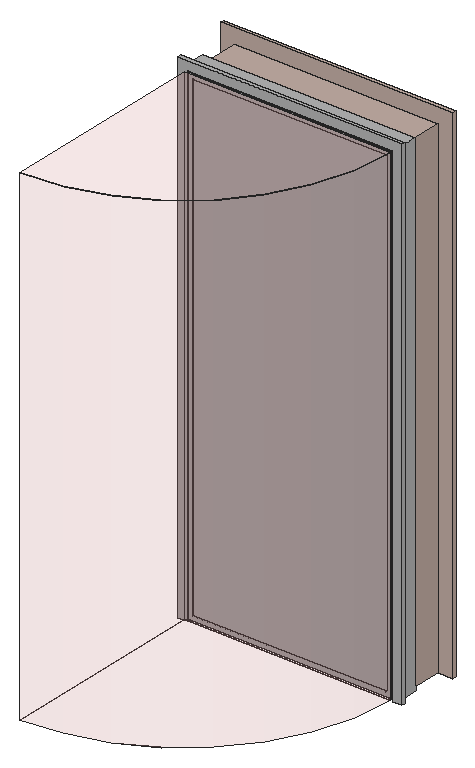
Revit family "ASSA ABLOY - DL1.3 PP30 RAPTOR, single-leaf, angular frame + PORTAL + Linus", category Doors, host Wall, Revit 2021
Family settings
  Host = Wall
  OmniClass Number = 23.30.10.00
  OmniClass Title = Doors
  Always vertical = Yes
  Cut with Voids When Loaded = No
  Shared = No
  Room Calculation Point = No
Parameters (values of type "800 x 2100 (808 x 2100)")
  URL = "https://www.assaabloy.com/pl/pl"
  Type Comments = "Leaf made of galvanized steel 1mm thick, four-side rebated. External cladding made of 6mm thick HDF/MDF panels."
  Symbol Radius = Door Leaf Width + 5.500 mm  # 895.000 mm
  Rough Width Conversion = 122.000 mm  # constant formula
  Rough Width Adjustment = 0.000 mm  # constant formula
  Rough Height Real = Height + Rough Height Conversion + Rough Height Adjustment  # 2160.000 mm
  Rough Height Conversion = 60.000 mm  # constant formula
  Rough Height Adjustment = 0.000 mm  # constant formula
  Portal Width Top [instance] = 80.000 mm
  Portal Width Right [instance] = 80.000 mm
  Portal Width Left [instance] = 80.000 mm
  Portal Material Finish = Default laminate
  Opening Zone [instance] = yes
  Model = "Doorset_Apartments Security Entrance Door RC3, NFR-EI30/ Wireless Access Control_ASSA ABLOY Opening Solutions_Hardware 3D"
  Hinges Material = Default steel
  HW Item 9 = "1x View finder, finish silver, black, brass_YALE"
  HW Item 8 = "1x 206253: Vercy door stopper, max 120 kg_ASSA ABLOY (option) "
  HW Item 10 = "1x 206253: Vercy door stopper, max 120 kg_ASSA ABLOY (option) "
  Glyph Material Finish = Default laminate
  Frame Finish [instance] = ""
  Fire Rating NFR (0) = [Fire Rating - Set Value] = 0  # yes
  Fire Rating EI30 (1) = [Fire Rating - Set Value] = 1  # no
  Fire Rating - Set Value = 0
  Fire Rating = if([Fire Rating NFR (0)], "NFR", if([Fire Rating EI30 (1)], "EI30", "0"))  # "NFR"
  Width Round = rounddown((Width / 5.000 mm)) * 5.000 mm  # 800.000 mm
  Thickness = 61.000 mm  # constant formula
  Smoke Rating = "Sa, S200"
  Rough Width = Width Round + 8.000 mm + Rough Width Conversion + Rough Width Adjustment  # 930.000 mm
  Rough Height = Height Round + 10.000 mm + Rough Height Conversion + Rough Height Adjustment  # 2170.000 mm
  Readme = "The actual lintel height is consistent with the Rough Height parameter.\nThe final HW Set should be consistent with the function of the door and its  parameters.\nHardware mounted on door surface may affect the clear passage opening. For verification, please contact the specification department."
  Provider = "ASSA ABLOY Opening Solutions"
  Product Group = "Single-Steel-Access Control"
  Name = "Apartments Security Entrance Door RC3, NFR-EI30/ Wireless Access Control"
  Min Door Width = 800.000 mm
  Min Door Height = 2015.000 mm
  Mechanical Strength = 4
  Max Door Width = 1000.000 mm
  Max Door Height = 2315.000 mm
  Manufacturer = "ASSA ABLOY"  # constant formula
  IfcExportType = "USERDEFINED"
  IfcExportAs = "IfcDoorType"
  Rough Width Real = Width + Rough Width Conversion + Rough Width Adjustment  # 922.000 mm
  Height Round = roundup((Height / 5.000 mm)) * 5.000 mm  # 2100.000 mm
  Hardware Set = "1.1PL"
  HW Item 7 = "1x View finder, finish silver, black, brass_YALE"
  HW Item 6 = "1x Rosette security set_Standard ASSA ABLOY"
  HW Item 5 = "1x Rosette security set (main lock)_Standard ASSA ABLOY"
  HW Item 4 = "1x Handle set_Standard ASSA ABLOY"
  HW Item 3 = "1x Mul-T-Lock 400/600: euro profile cylinder_Mul-T-Lock"
  HW Item 2 = "1x Yale Monoblock Safety 353P: mechanical mortice lockcase_YALE"
  HW Item 1 = "1x Yale Monoblock 354M: mechanical mortice lockcase (main lock)_YALE"
  Function = Interior
  Height = 2100.000 mm
  Wall Closure = By host
  Width = 800.000 mm
  Frame Type = "Corner galvanized steel frame 1,5mm thick."
  Frame Material = Default steel
  Family name = "1.2_DOORSET_DL1.3 PP30 RAPTOR_SINGLE-LEAF_CORNER FRAME_ASSA ABLOY PL"
  Environmental Product Declaration (EPD) = "To be confirmed with Provider"  # constant formula
  Environmental Management System = "To be confirmed with Provider"  # constant formula
  Edition number = "1"
  Door Type = "DL1.3 PP30 RAPTOR"
  Door Material = Default steel
  Door Leaf Width = Width Round + 89.500 mm + Rough Width Adjustment  # 889.500 mm
  Door Finish Push Side [instance] = ""
  Door Finish Pull Side [instance] = ""
  Description = "DL1.3 PP30 RAPTOR, leaf made of galvanized steel sheets 1,0mm or 0,75mm thick, four-side rebated. External cladding made of 6mm thick HDF/MDF panels. Door equipped with 4 hinges painted in RAL with 3-dimmension adjustment, includng 1 self-closing R-spring, three anti-burglary pins on the hinge side and a panoramic viewer. Mechanical strenght - 4 class according to PN-EN 1192:2001. Burglary resistance – class RC3 according to PN-EN 1627:2012. Acoustic rating - Rw=42-47dB according to PN-EN ISO 717-1:2013-08. Thermal transmittance - Ud = 1,3 W/m2K. Corner galvanized steel frame 1,5mm thick, equipped with fixed threshold 20 mm height."
  Date of publishing = ""
  Contact Provider = "https://www.assaabloy.com/pl/pl/solutions/topics/bim-specification/contact"
  Brand = "ASSA ABLOY Mercor Doors Sp. z o. o."  # constant formula
  Author = "www.archispace.pl"
Types (18, lengths in mm): name | Symbol Radius | Rough Height Real | Width Round | Rough Width | Rough Height | Rough Width Real | Height Round | Height | Width | Door Leaf Width
  800 x 2015 (808 x 2015) | 895.000 | 2075.000 | 800.000 | 930.000 | 2085.000 | 922.000 | 2015.000 | 2015.000 | 800.000 | 889.500
  800 x 2050 (808 x 2050) | 895.000 | 2110.000 | 800.000 | 930.000 | 2120.000 | 922.000 | 2050.000 | 2050.000 | 800.000 | 889.500
  800 x 2100 (808 x 2100) | 895.000 | 2160.000 | 800.000 | 930.000 | 2170.000 | 922.000 | 2100.000 | 2100.000 | 800.000 | 889.500
  800 x 2200 (808 x 2200) | 895.000 | 2260.000 | 800.000 | 930.000 | 2270.000 | 922.000 | 2200.000 | 2200.000 | 800.000 | 889.500
  800 x 2250 (808 x 2250) | 895.000 | 2310.000 | 800.000 | 930.000 | 2320.000 | 922.000 | 2250.000 | 2250.000 | 800.000 | 889.500
  800 x 2315 (808 x 2315) | 895.000 | 2375.000 | 800.000 | 930.000 | 2385.000 | 922.000 | 2315.000 | 2315.000 | 800.000 | 889.500
  900 x 2015 (908 x 2015) | 995.000 | 2075.000 | 900.000 | 1030.000 | 2085.000 | 1022.000 | 2015.000 | 2015.000 | 900.000 | 989.500
  900 x 2050 (908 x 2050) | 995.000 | 2110.000 | 900.000 | 1030.000 | 2120.000 | 1022.000 | 2050.000 | 2050.000 | 900.000 | 989.500
  900 x 2100 (908 x 2100) | 995.000 | 2160.000 | 900.000 | 1030.000 | 2170.000 | 1022.000 | 2100.000 | 2100.000 | 900.000 | 989.500
  900 x 2200 (908 x 2200) | 995.000 | 2260.000 | 900.000 | 1030.000 | 2270.000 | 1022.000 | 2200.000 | 2200.000 | 900.000 | 989.500
  900 x 2250 (908 x 2250) | 995.000 | 2310.000 | 900.000 | 1030.000 | 2320.000 | 1022.000 | 2250.000 | 2250.000 | 900.000 | 989.500
  900 x 2315 (908 x 2315) | 995.000 | 2375.000 | 900.000 | 1030.000 | 2385.000 | 1022.000 | 2315.000 | 2315.000 | 900.000 | 989.500
  1000 x 2015 (1008 x 2015) | 1095.000 | 2075.000 | 1000.000 | 1130.000 | 2085.000 | 1122.000 | 2015.000 | 2015.000 | 1000.000 | 1089.500
  1000 x 2050 (1008 x 2050) | 1095.000 | 2110.000 | 1000.000 | 1130.000 | 2120.000 | 1122.000 | 2050.000 | 2050.000 | 1000.000 | 1089.500
  1000 x 2100 (1008 x 2100) | 1095.000 | 2160.000 | 1000.000 | 1130.000 | 2170.000 | 1122.000 | 2100.000 | 2100.000 | 1000.000 | 1089.500
  1000 x 2200 (1008 x 2200) | 1095.000 | 2260.000 | 1000.000 | 1130.000 | 2270.000 | 1122.000 | 2200.000 | 2200.000 | 1000.000 | 1089.500
  1000 x 2250 (1008 x 2250) | 1095.000 | 2310.000 | 1000.000 | 1130.000 | 2320.000 | 1122.000 | 2250.000 | 2250.000 | 1000.000 | 1089.500
  1000 x 2315 (1008 x 2315) | 1095.000 | 2375.000 | 1000.000 | 1130.000 | 2385.000 | 1122.000 | 2315.000 | 2315.000 | 1000.000 | 1089.500
Reference planes
  plane 1: y = 0
  plane 2 "Center (Left/Right)": x = 0
  plane 3 "Exterior": y = 120
  plane 4 "Interior": y = -120
  plane 5: x = -461
  plane 6: x = 461
  plane 7: y = -71
  plane 8: y = -114
  plane 9: y = -132
  plane 10: x = -445.5
  plane 11: x = -428.5
  plane 12: x = 444
  plane 13: x = 427
  plane 14: z = 9
  plane 15: z = 2127
  plane 16: z = 26
  plane 17: x = 504
  plane 18: x = 424
  plane 19: x = -504
  plane 20: x = -424
  plane 21: z = 2205
  plane 22: z = 2125
  plane 23: y = -30
  plane 24: z = 2144
  plane 25: x = -420
  plane 26: x = 420
  plane 27: y = -71.8
  plane 28: y = -131.2
  plane 29: x = -427.7
  plane 30: x = 426.2
  plane 31: x = -444.7
  plane 32: x = 443.2
  plane 33: y = -114.8
  plane 34: z = 26.8
  plane 35: z = 9.8
  plane 36: z = 2126.2
  plane 37: y = 136
  plane 38: y = 136
  plane 39: x = -440
  plane 40: x = 440
  plane 41: x = -465
  plane 42: x = 465
  plane 43: y = -143
  plane 44: x = -450.5
  plane 45: z = 2160
  plane 46: z = 20
  plane 47: z = 2170
  plane 48: z = 2120
  plane 49: x = -380
Forms (mm)
  Sweep 1, solid, material "Default steel" <- "Frame Material"
    path origin (0, -120, 0) x (1, 0, 0) y (0, 0, 1)
      loop
        line (-461, 0) -> (-461, 2161) -> (461, 2161) -> (461, 0)
    profile origin (-461, -120, 1080.5) x (-1, 0, 0) y (0, -1, 0)
      loop
        line (26.5, 0) -> (26.5, 12) -> (-13.5, 12) -> (-13.5, -9) -> (-26.5, -9) -> (-26.5, -65) -> (-36, -65) -> (-36, -54) -> (-41, -54) -> (-41, -90) -> (-10, -90) -> (-10, -87) -> (0, -87) -> (0, 0) -> (26.5, 0)
  Sweep 2, solid, material "Default steel" <- "Frame Material"
    path origin (-5000, -120, 0) x (1, 0, 0) y (0, 0, 1)
      loop
        line (4539, 0) -> (5461, 0)
    profile origin (0, -120, 0) x (0, 0, 1) y (0, -1, 0)
      loop
        line (0, -12) -> (0, -96) -> (20, -96) -> (20, -12) -> (0, -12)
  Sweep 3, solid, material "Default steel" <- "Door Material"
    path origin (-5000, -120, 0) x (1, 0, 0) y (0, 0, 1)
      loop
        line (4571.5, 2127) -> (4571.5, 26) -> (5427, 26) -> (5427, 2127) -> (4571.5, 2127)
    profile origin (-0.75, -120, 26) x (0, 0, -1) y (0, -1, 0)
      loop
        line (-0.8, 11.2) -> (-0.8, -5.2) -> (16.2, -5.2) -> (16.2, 11.2) -> (-0.8, 11.2)
  Sweep 4, solid, material "Default laminate" <- "Portal Material Finish"
    path origin (0, 120, 0) x (1, 0, 0) y (0, 0, 1)
      loop
        line (461, 0) -> (461, 2205)
    profile origin (461, 120, 1102.5) x (-1, 0, 0) y (0, -1, 0)
      loop
        line (37, 0) -> (-43, 0) -> (-43, -16) -> (37, -16) -> (37, 0)
  Sweep 5, solid, material "Default laminate" <- "Glyph Material Finish"
    path origin (-5000, 0, 0) x (-1, 0, 0) y (0, 0, 1)
      loop
        line (-4539, 0) -> (-4539, 2162) -> (-5461, 2162) -> (-5461, 0)
    profile origin (-461, 0, 1081) x (1, 0, 0) y (0, 1, 0)
      loop
        line (21, 120) -> (21, -30) -> (37, -30) -> (37, 120) -> (21, 120)
  Sweep 6, solid, material "Default laminate" <- "Portal Material Finish"
    path origin (0, 120, 0) x (1, 0, 0) y (0, 0, 1)
      loop
        line (-461, 2205) -> (-461, 0)
    profile origin (-461, 120, 1102.5) x (0, -1, 0) y (1, 0, 0)
      loop
        line (-16, -43) -> (0, -43) -> (0, 37) -> (-16, 37) -> (-16, -43)
  Sweep 7, solid, material "Default laminate" <- "Portal Material Finish"
    path origin (0, 120, 0) x (1, 0, 0) y (0, 0, 1)
      loop
        line (504, 2162) -> (-504, 2162)
    profile origin (0, 120, 2162) x (0, 0, -1) y (0, -1, 0)
      loop
        line (37, 0) -> (-43, 0) -> (-43, -16) -> (37, -16) -> (37, 0)
  Sweep 8, solid, material "Default steel" <- "Door Material"
    path origin (-5000, -120, 0) x (1, 0, 0) y (0, 0, 1)
      loop
        line (5000, 26.8) -> (5000, 2126.2)
    profile origin (0, -120, 1076.5) x (-1, 0, 0) y (0, -1, 0)
      loop
        line (427.7, -48.2) -> (427.7, 11.2) -> (-426.2, 11.2) -> (-426.2, -48.2) -> (427.7, -48.2)
  Sweep 9, solid, material "Default steel" <- "Door Material"
    path origin (-5000, -120, 0) x (1, 0, 0) y (0, 0, 1)
      loop
        line (4571.5, 2127) -> (4571.5, 26) -> (5427, 26) -> (5427, 2127) -> (4571.5, 2127)
    profile origin (-0.75, -120, 26) x (0, 0, -1) y (0, -1, 0)
      loop
        line (0, -49) -> (0, -6) -> (17, -6) -> (17, 12) -> (-4, 12) -> (-4, 11.2) -> (16.2, 11.2) -> (16.2, -5.2) -> (-0.8, -5.2) -> (-0.8, -48.2) -> (-13, -48.2) -> (-13, -49) -> (0, -49)
  Sweep 10, solid, material "Opening zone", visible <- "Opening Zone"
    path origin (-5000, 0, 0) x (-1, 0, 0) y (0, 0, 1)
      loop
        line (-5000, 9) -> (-5000, 2144)
    profile origin (0, 0, 1076.5) x (1, 0, 0) y (0, 1, 0)
      loop
        line (-450.5, -143) -> (-450.5, -1038)
        arc (-450.5, -1038) -> (182.361, -775.861) -> (444.5, -143) r 895
        line (444.5, -143) -> (-450.5, -143)
Cuts and joins
  joined: Sweep 1, Sweep 2
  joined: Sweep 4, Sweep 6, Sweep 7
  joined: Sweep 3, Sweep 8
Lines and regions (mm)
  Opening 1
    outline origin (-3050, -120, 0) x (1, 0, 0) y (0, 0, 1)
      loop
        line (2585, 0) -> (3515, 0) -> (3515, 2170) -> (2585, 2170) -> (2585, 0)
  Masking region 1, detail levels medium+fine
    outline origin (-1132.682, -300, 2127) x (-1, 0, 0) y (0, -1, 0)
      loop
        line (-628.682, -436) -> (-628.682, -420) -> (-708.682, -420) -> (-708.682, -436) -> (-628.682, -436)
      loop
        line (-1636.682, -436) -> (-1556.682, -436) -> (-1556.682, -420) -> (-1636.682, -420) -> (-1636.682, -436)
  Masking region 2, detail levels medium+fine
    outline origin (-1132.682, -300, 2127) x (-1, 0, 0) y (0, -1, 0)
      loop
        line (-708.682, -420) -> (-692.682, -420) -> (-692.682, -270) -> (-708.682, -270) -> (-708.682, -420)
      loop
        line (-1556.682, -420) -> (-1556.682, -270) -> (-1572.682, -270) -> (-1572.682, -420) -> (-1556.682, -420)
  Masking region 3, detail levels fine
    outline origin (-1132.682, -300, 2127) x (-1, 0, 0) y (0, -1, 0)
      loop
        line (-681.682, -270) -> (-681.682, -267) -> (-671.682, -267) -> (-671.682, -180) -> (-645.182, -180) -> (-645.182, -168) -> (-685.182, -168) -> (-685.182, -189) -> (-698.182, -189) -> (-698.182, -245) -> (-707.682, -245) -> (-707.682, -234) -> (-712.682, -234) -> (-712.682, -270) -> (-681.682, -270)
      loop
        line (-1583.682, -270) -> (-1552.682, -270) -> (-1552.682, -234) -> (-1557.682, -234) -> (-1557.682, -245) -> (-1567.182, -245) -> (-1567.182, -189) -> (-1580.182, -189) -> (-1580.182, -168) -> (-1620.182, -168) -> (-1620.182, -180) -> (-1593.682, -180) -> (-1593.682, -267) -> (-1583.682, -267) -> (-1583.682, -270)
  Masking region 4, detail levels medium
    outline origin (-1132.682, -300, 2127) x (-1, 0, 0) y (0, -1, 0)
      loop
        line (-671.682, -270) -> (-671.682, -180) -> (-645.182, -180) -> (-645.182, -168) -> (-712.682, -168) -> (-712.682, -270) -> (-671.682, -270)
      loop
        line (-1593.682, -270) -> (-1552.682, -270) -> (-1552.682, -168) -> (-1620.182, -168) -> (-1620.182, -180) -> (-1593.682, -180) -> (-1593.682, -270)
  Masking region 5, detail levels fine
    outline origin (-1132.682, -300, 2127) x (-1, 0, 0) y (0, -1, 0)
      loop
        circle (-682.182, -157) r 11
  symbolic lines, style "Elevation Swing"
    curve 1: line (444, -120, 1055) -> (-445.5, -120, 2144)
    curve 2: line (444, -120, 1055) -> (-445.5, -120, 9)
Text (mm)
  text "Exterior" at (-1376.75, 1099.543, 0), in view "Ref. Level"
  text "Exterior" at (0, 1615.38, 3698.081), in view "Left"
  text "Exterior" at (0, 1036.032, 3874.932), in view "Right"
Dimensions and locks
  host wall to curve 2 = 1055.000 mm
  locked: plane 3 "Exterior" to host wall
  locked: plane 4 "Interior" to host wall
  equal spacing: plane 5, plane 2 "Center (Left/Right)", plane 6
  "Rough Width Real": plane 5 to plane 6
  locked: plane 14 to level at 9
  locked: plane 5 to plane 10 at 15.5
  locked: plane 10 to plane 11 at 17
  locked: plane 12 to plane 6 at 17
  locked: plane 13 to plane 12 at 17
  locked: plane 16 to level at 26
  locked: plane 18 to plane 6 at 37
  "Portal Width Left": plane 18 to plane 17
  locked: plane 5 to plane 20 at 37
  "Portal Width Right": plane 19 to plane 20
  "Portal Width Top": plane 21 to plane 22
  locked: plane 4 "Interior" to plane 23 at 90
  locked: plane 5 to plane 25 at 41
  locked: plane 26 to plane 6 at 41
  locked: plane 28 to plane 9 at 0.8
  locked: plane 7 to plane 27 at 0.8
  locked: plane 11 to plane 29 at 0.8
  locked: plane 30 to plane 13 at 0.8
  locked: plane 10 to plane 31 at 0.8
  locked: plane 32 to plane 12 at 0.8
  locked: plane 33 to plane 8 at 0.8
  locked: plane 35 to plane 14 at 0.8
  locked: plane 34 to plane 16 at 0.8
  locked: plane 15 to plane 36 at 0.8
  locked: plane 3 "Exterior" to plane 37 at 16
  locked: plane 3 "Exterior" to plane 38 at 16
  locked: plane 39 to plane 20 at 16
  locked: plane 18 to plane 40 at 16
  locked: Masking region 3 sketch curve to plane 5 at 26.5
  locked: plane 5 to Masking region 3 sketch curve at 13.5
  locked: plane 5 to Masking region 3 sketch curve at 26.5
  locked: Masking region 3 sketch curve to plane 23 at 36  (x2)
  locked: Masking region 3 sketch curve to plane 23 at 81  (x2)
  locked: Masking region 3 sketch curve to plane 6 at 13.5
  locked: Masking region 3 sketch curve to plane 6 at 26.5
  locked: plane 6 to Masking region 3 sketch curve at 26.5
  locked: Masking region 4 sketch curve to plane 5 at 26.5
  locked: plane 6 to Masking region 4 sketch curve at 26.5
  locked: plane 5 to Masking region 5 sketch curve at 10.5
  locked: Masking region 5 sketch curve to plane 4 "Interior" at 23
  equal spacing: plane 41, plane 2 "Center (Left/Right)", plane 42
  "Rough Width": plane 41 to plane 42
  locked: plane 9 to plane 43 at 11
  locked: plane 41 to plane 44 at 14.5
  locked: plane 4 "Interior" to plane 33 at 5.2
  locked: plane 8 to plane 7 at 43
  locked: plane 9 to plane 4 "Interior" at 12
  locked: Masking region 3 sketch curve to plane 23 at 3  (x2)
  locked: plane 5 to Masking region 3 sketch curve at 10
  locked: Masking region 3 sketch curve to plane 23 at 25  (x2)
  locked: plane 5 to Masking region 3 sketch curve at 36
  locked: Masking region 3 sketch curve to plane 6 at 10
  locked: Masking region 3 sketch curve to plane 6 at 36
  locked: plane 46 to level at 20
  "Rough Height": plane 47 to level
  "Rough Height Real": plane 45 to level
  plane 21 to plane 45 = 45.000 mm
  locked: plane 45 to plane 24 at 16
  locked: plane 24 to plane 15 at 17
  plane 45 to plane 22 = 35.000 mm
  locked: plane 45 to plane 48 at 40
  locked: plane 5 to plane 49 at 81
  locked: plane 47 to plane 22 at 45
  "Symbol Radius": radius of Sweep 10 sketch curve
  aligned and locked: Opening 1 sketch curve to level
  aligned and locked: plane 1 to host wall
  aligned and locked: level to Sweep 1 sketch curve  (x2)
  aligned and locked: Sweep 1 sketch curve to plane 5
  aligned and locked: plane 6 to Sweep 1 sketch curve
  aligned and locked: Sweep 2 sketch curve to level
  aligned and locked: plane 16 to Sweep 3 sketch curve
  aligned and locked: plane 11 to Sweep 3 sketch curve
  aligned and locked: plane 13 to Sweep 3 sketch curve
  aligned and locked: Sweep 3 sketch curve to plane 15
  aligned and locked: level to Sweep 4 sketch curve
  aligned and locked: plane 6 to Sweep 4 sketch curve
  aligned and locked: level to Sweep 5 sketch curve  (x2)
  aligned and locked: plane 6 to Sweep 5 sketch curve
  aligned and locked: Sweep 5 sketch curve to plane 5
  aligned and locked: Sweep 4 sketch curve to plane 18
  aligned and locked: plane 17 to Sweep 4 sketch curve
  aligned and locked: Sweep 6 sketch curve to plane 5
  aligned and locked: level to Sweep 6 sketch curve
  aligned and locked: plane 19 to Sweep 6 sketch curve
  aligned and locked: Sweep 6 sketch curve to plane 20
  aligned and locked: plane 21 to Sweep 7 sketch curve
  aligned and locked: Sweep 7 sketch curve to plane 22
  aligned and locked: plane 21 to Sweep 4 sketch curve
  aligned and locked: plane 21 to Sweep 6 sketch curve
  aligned and locked: plane 19 to Sweep 7 sketch curve
  aligned and locked: plane 17 to Sweep 7 sketch curve
  aligned and locked: Sweep 5 sketch curve to plane 3 "Exterior"
  aligned and locked: plane 23 to Sweep 5 sketch curve
  aligned and locked: plane 2 "Center (Left/Right)" to Sweep 8 sketch curve
  aligned and locked: plane 12 to curve 2
  aligned and locked: plane 24 to curve 1
  aligned and locked: plane 10 to curve 1
  aligned and locked: plane 10 to curve 2
  aligned and locked: plane 14 to curve 2
  aligned and locked: plane 16 to Sweep 9 sketch curve
  aligned and locked: plane 11 to Sweep 9 sketch curve
  aligned and locked: plane 13 to Sweep 9 sketch curve
  aligned and locked: Sweep 9 sketch curve to plane 15
  aligned and locked: Sweep 8 sketch curve to plane 27
  aligned and locked: plane 28 to Sweep 8 sketch curve
  aligned and locked: Sweep 3 sketch curve to plane 28
  aligned and locked: Sweep 8 sketch curve to plane 30
  aligned and locked: Sweep 8 sketch curve to plane 29
  aligned and locked: plane 33 to Sweep 3 sketch curve
  aligned and locked: plane 34 to Sweep 3 sketch curve
  aligned and locked: Sweep 3 sketch curve to plane 35
  aligned and locked: plane 34 to Sweep 8 sketch curve
  aligned and locked: plane 36 to Sweep 8 sketch curve
  aligned and locked: nested 1 to plane 2 "Center (Left/Right)"
  aligned and locked: plane 4 "Interior" to nested 1
  aligned and locked: Masking region 1 sketch curve to plane 19
  aligned and locked: Masking region 1 sketch curve to plane 37
  aligned and locked: Masking region 1 sketch curve to plane 3 "Exterior"
  aligned and locked: plane 38 to Masking region 1 sketch curve
  aligned and locked: plane 3 "Exterior" to Masking region 1 sketch curve
  aligned and locked: plane 17 to Masking region 1 sketch curve
  aligned and locked: plane 20 to Masking region 1 sketch curve
  aligned and locked: Masking region 1 sketch curve to plane 18
  aligned and locked: plane 39 to Masking region 2 sketch curve
  aligned and locked: Masking region 2 sketch curve to plane 3 "Exterior"
  aligned and locked: plane 23 to Masking region 2 sketch curve
  aligned and locked: Masking region 2 sketch curve to plane 20
  aligned and locked: Masking region 2 sketch curve to plane 40
  aligned and locked: Masking region 2 sketch curve to plane 23
  aligned and locked: Masking region 2 sketch curve to plane 18
  aligned and locked: plane 3 "Exterior" to Masking region 2 sketch curve
  aligned and locked: plane 9 to Masking region 3 sketch curve
  aligned and locked: plane 4 "Interior" to Masking region 3 sketch curve
  aligned and locked: Masking region 3 sketch curve to plane 5
  aligned and locked: plane 23 to Masking region 3 sketch curve
  aligned and locked: Masking region 3 sketch curve to plane 25
  aligned and locked: Masking region 3 sketch curve to plane 23
  aligned and locked: Masking region 3 sketch curve to plane 4 "Interior"
  aligned and locked: Masking region 3 sketch curve to plane 6
  aligned and locked: plane 26 to Masking region 3 sketch curve
  aligned and locked: Masking region 3 sketch curve to plane 9
  aligned and locked: Masking region 4 sketch curve to plane 25
  aligned and locked: plane 9 to Masking region 4 sketch curve
  aligned and locked: plane 23 to Masking region 4 sketch curve
  aligned and locked: Masking region 4 sketch curve to plane 5
  aligned and locked: plane 4 "Interior" to Masking region 4 sketch curve
  aligned and locked: Masking region 4 sketch curve to plane 6
  aligned and locked: Masking region 4 sketch curve to plane 4 "Interior"
  aligned and locked: Masking region 4 sketch curve to plane 23
  aligned and locked: plane 26 to Masking region 4 sketch curve
  aligned and locked: Masking region 4 sketch curve to plane 9
  aligned and locked: plane 41 to Opening 1 sketch curve
  aligned and locked: plane 42 to Opening 1 sketch curve
  aligned and locked: plane 2 "Center (Left/Right)" to Sweep 10 sketch curve
  aligned and locked: plane 44 to Sweep 10 sketch curve  (x2)
  aligned and locked: Sweep 10 sketch curve to plane 43
  aligned and locked: plane 43 to Sweep 10 sketch curve
  aligned and locked: plane 24 to Sweep 10 sketch curve
  aligned and locked: plane 14 to Sweep 10 sketch curve
  aligned and locked: plane 6 to Sweep 2 sketch curve
  aligned and locked: plane 5 to Sweep 2 sketch curve
  aligned and locked: Opening 1 sketch curve to plane 47
Automatic sketch dimensions
  profile plane to Sweep 2 sketch curve = 0.000 mm
  Sweep 2 sketch curve to Sweep 2 sketch curve = 20.000 mm
  Sweep 2 sketch curve to profile plane = 96.000 mm
  Sweep 2 sketch curve to profile plane = 12.000 mm
  plane 3 "Exterior" to Sweep 4 sketch curve = 0.000 mm
  Sweep 4 sketch curve to plane 3 "Exterior" = 16.000 mm
  Sweep 5 sketch curve to profile plane = 21.000 mm
  Sweep 5 sketch curve to Sweep 5 sketch curve = 16.000 mm
  plane 3 "Exterior" to Sweep 6 sketch curve = 0.000 mm
  Sweep 6 sketch curve to plane 3 "Exterior" = 16.000 mm
  Sweep 7 sketch curve to plane 3 "Exterior" = 0.000 mm
  Sweep 7 sketch curve to plane 3 "Exterior" = 16.000 mm
  Sweep 9 sketch curve to profile plane = 0.000 mm
  profile plane to Sweep 9 sketch curve = 0.800 mm
  profile plane to Sweep 9 sketch curve = 4.000 mm
  Sweep 9 sketch curve to Sweep 9 sketch curve = 12.200 mm
  Sweep 9 sketch curve to profile plane = 16.200 mm
  Sweep 9 sketch curve to Sweep 9 sketch curve = 0.800 mm  (x4)
  Sweep 9 sketch curve to profile plane = 49.000 mm
  Sweep 9 sketch curve to profile plane = 6.000 mm
  profile plane to Sweep 9 sketch curve = 11.200 mm
  plane 4 "Interior" to Sweep 1 sketch curve = 0.000 mm
  Sweep 1 sketch curve to profile plane = 0.000 mm
  profile plane to Sweep 1 sketch curve = 10.000 mm
  profile plane to Sweep 1 sketch curve = 13.500 mm
  Sweep 1 sketch curve to Sweep 1 sketch curve = 13.000 mm
  Sweep 1 sketch curve to Sweep 1 sketch curve = 9.500 mm
  Sweep 1 sketch curve to Sweep 1 sketch curve = 5.000 mm
  Sweep 1 sketch curve to Sweep 1 sketch curve = 26.500 mm
  Sweep 1 sketch curve to plane 4 "Interior" = 9.000 mm
  Sweep 1 sketch curve to Sweep 1 sketch curve = 56.000 mm
  Sweep 1 sketch curve to Sweep 1 sketch curve = 22.000 mm
  Sweep 1 sketch curve to Sweep 1 sketch curve = 25.000 mm
  plane 4 "Interior" to Sweep 1 sketch curve = 12.000 mm
  Sweep 1 sketch curve to Sweep 1 sketch curve = 11.000 mm
  plane 45 to Sweep 1 sketch curve = 1.000 mm
  plane 45 to Sweep 5 sketch curve = 2.000 mm
  plane 45 to Sweep 7 sketch curve = 2.000 mm
  radius of Masking region 5 sketch curve = 11.000 mm
Nested families
  nested 1: "Detail_Door symbol" at (0, -120, 2127), type "Detail_Door symbol"
Definition of nested family "Detail_Door symbol"
  Parameters (values of type "Detail_Door symbol")
    Symbol Radius = 895.000 mm
    Rough Width = 922.000 mm
    Door Leaf Width = 889.500 mm
  Reference planes
    plane 1 "Center (Front/Back)": y = 0
    plane 2: z = 0
    plane 3 "Center (Left/Right)": x = 0
    plane 4: x = -461
    plane 5: x = 461
    plane 6: y = -23
    plane 7: x = -450.5
    plane 8: y = -28.5
    plane 9: y = -45.5
    plane 10: y = -901
    plane 11: y = -918
    plane 12: x = -441
    plane 13: x = -423
    plane 14: x = -380
  Lines and regions (mm)
    Filled region 1, type "Solid Fill - White", in view "Ref. Level", detail levels fine
      outline origin (28.5, 43.059, 0) x (1, 0, 0) y (0, 1, 0)
        loop
          line (-469.5, -71.559) -> (-469.5, -961.059) -> (-451.5, -961.059) -> (-451.5, -944.059) -> (-408.5, -944.059) -> (-408.5, -88.559) -> (-451.5, -88.559) -> (-451.5, -71.559) -> (-469.5, -71.559)
    Filled region 2, type "Solid Fill - White", in view "Ref. Level", detail levels medium
      outline origin (28.5, 43.059, 0) x (1, 0, 0) y (0, 1, 0)
        loop
          line (-469.5, -71.559) -> (-469.5, -961.059) -> (-408.5, -961.059) -> (-408.5, -71.559) -> (-469.5, -71.559)
    detail lines, in view "Ref. Level"
      curve 1: arc (-450.5, -918, 0) -> (182.361, -655.861, 0) -> (444.5, -23, 0) r 895
    detail lines, in view "Ref. Level", detail levels coarse
      curve 2: line (-450.5, -918, 0) -> (-450.5, -23, 0)
  Dimensions and locks
    equal spacing: plane 4, plane 3 "Center (Left/Right)", plane 5
    "Rough Width": plane 4 to plane 5
    plane 4 to plane 7 = 10.500 mm
    locked: plane 8 to plane 9 at 17
    locked: plane 11 to plane 10 at 17
    "Door Leaf Width": plane 11 to plane 8
    plane 8 to plane 6 to plane 1 "Center (Front/Back)" = 5.500 mm locked, 23.000 mm locked
    locked: plane 12 to plane 13 at 18
    locked: plane 13 to plane 14 at 43
    locked: plane 7 to plane 12 at 9.5
    "Symbol Radius": radius of curve 1
    aligned and locked: plane 7 to curve 1
    aligned and locked: curve 1 to plane 6
    aligned and locked: plane 12 to Filled region 1 sketch curve
    aligned and locked: Filled region 1 sketch curve to plane 11
    aligned and locked: Filled region 1 sketch curve to plane 13  (x2)
    aligned and locked: plane 10 to Filled region 1 sketch curve
    aligned and locked: Filled region 1 sketch curve to plane 14
    aligned and locked: Filled region 1 sketch curve to plane 8
    aligned and locked: plane 9 to Filled region 1 sketch curve
    aligned and locked: Filled region 2 sketch curve to plane 8
    aligned and locked: Filled region 2 sketch curve to plane 14
    aligned and locked: plane 12 to Filled region 2 sketch curve
    aligned and locked: Filled region 2 sketch curve to plane 11
  Automatic sketch dimensions
    plane 6 to curve 2 = 0.000 mm
